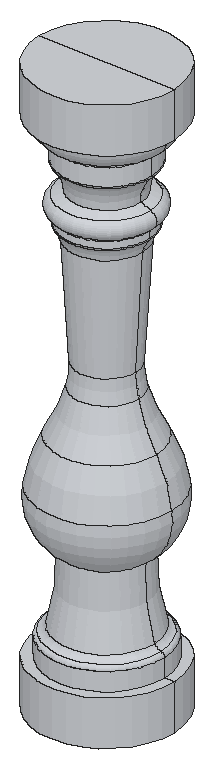
Revit family
Parameters (values of type "Balustrade G32")
  Width = 0' - 7 1/2"
  URL = "www.strombergarchitectural.com"
  Top Material = none
  Submittal Sheet = "www.strombergarchitectural.com/images/materials/gfrc/submittal/gfrc-submittal-sheet.pdf"
  Specifications = "www.strombergarchitectural.com/gfrcspecifications"
  Model Cut-sheet = "http://www.strombergarchitectural.com/products/balustrade/design/G32"
  Model = "Balustrade G32"
  Manufacturer = "Stromberg Architectural Products"
  Guidebook = "www.strombergarchitectural.com/images/materials/gfrc/handbooks/gfrc_guidebook.pdf   \r\n(http://www.strombergarchitectural.com/images/materials/gfrc/handbooks/gfrc_guidebook.pdf"
  Description = "GFRC Baluster"
  Assembly Code = ""
  Height = 2' - 7 7/8"
  XXX.5 = no
  XXX.4 = no
  XXX.3 = no
  XXX.2 = no
  XXX.1 = yes
Reference planes (in)
  plane 1 "Center (Front/Back)": y = 3.74847
  plane 2: z = 0
  plane 3 "Center (Left/Right)": x = 0.7278
  plane 4 "Front": y = -3.25153
  plane 5 "Back": y = 10.74847
  plane 6 "Left": x = -17.2722
  plane 7 "Right": x = 18.7278
Forms (in)
  Revolve 1, solid
    sketch origin (0, 3.74847, 0) x (1, 0, 0) y (0, 0, 1)
      loop
        line (0.7278, 31.875) -> (-3.0222, 31.875) -> (-3.0222, 29.375) -> (-2.6472, 29.375)
        arc (-2.6472, 29.375) -> (-2.42935, 28.6699) -> (-1.85175, 28.21057) r 1.25
        arc (-1.85175, 28.21057) -> (-1.79398, 28.16464) -> (-1.7722, 28.09413) r 0.125
        line (-1.7722, 28.09413) -> (-1.7722, 27.1302)
        arc (-1.7722, 27.1302) -> (-1.76264, 27.08226) -> (-1.73543, 27.04166) r 0.125
        arc (-1.73543, 27.04166) -> (-1.3001, 26.39196) -> (-1.1472, 25.625) r 2
        line (-1.1472, 25.625) -> (-1.70717, 25.40203)
        arc (-1.70717, 25.40203) -> (-2.02213, 24.94564) -> (-1.7222, 24.47924) r 0.5
        arc (-1.7222, 24.47924) -> (-1.66762, 24.43314) -> (-1.6472, 24.36468) r 0.125
        line (-1.6472, 24.36468) -> (-1.6472, 23.98683)
        arc (-1.6472, 23.98683) -> (-1.63993, 23.94484) -> (-1.61898, 23.90772) r 0.125
        arc (-1.61898, 23.90772) -> (-1.40479, 23.56726) -> (-1.2722, 23.1875) r 1.78662
        arc (-1.2722, 23.1875) -> (-0.97691, 20.16292) -> (-0.8972, 17.125) r 42.75599
        arc (-0.8972, 17.125) -> (-0.92501, 16.47569) -> (-1.03789, 15.83567) r 4.9353
        arc (-1.03789, 15.83567) -> (-1.46371, 14.60442) -> (-2.06627, 13.44934) r 8.8189
        arc (-2.06627, 13.44934) -> (-2.59226, 12.23468) -> (-2.8972, 10.94663) r 7.52218
        arc (-2.8972, 10.94663) -> (-2.64076, 9.19446) -> (-1.4597, 7.875) r 3.07179
        arc (-1.4597, 7.875) -> (-1.51331, 5.93225) -> (-1.92682, 4.03326) r 10.4183
        arc (-1.92682, 4.03326) -> (-2.07229, 3.84626) -> (-2.28348, 3.73887) r 0.54379
        arc (-2.28348, 3.73887) -> (-2.41088, 3.64842) -> (-2.4597, 3.5) r 0.25
        line (-2.4597, 3.5) -> (-2.4597, 2.5) -> (-3.0222, 2.5) -> (-3.0222, 0) -> (0.7278, 0) -> (0.7278, 31.875)
      axis (0.7278, 31.875) -> (0.7278, 0)
    angle from 0 to 360
Dimensions and locks (in)
  aligned and locked: level to plane 2
